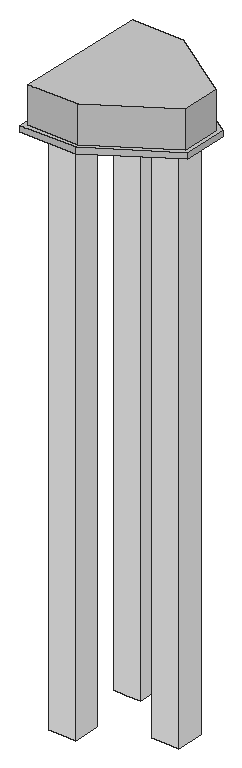
Revit family "BS_FM_Đài Móng - 3 cọc_TamGiac", category Structural Foundations, Revit 2019
Family settings
  Material for Model Behavior = Concrete
  Cap = No
  OmniClass Number = 23.25.05.11
  OmniClass Title = Foundation Piles
  Work Plane-Based = No
  Always vertical = Yes
  Cut with Voids When Loaded = No
  Shared = No
Parameters (values of type "1000 x 1000 x 900mm")
  h_BaoVe [instance] = 120 mm
  a2_BaoVe [instance] = 100 mm
  a1_BaoVe [instance] = 100 mm
  Y1 = Diameter + 250 mm  # 850 mm
  X1 = Diameter / 2 + 250 mm  # 550 mm
  X2 = (roundup(sqrt(KhoangCach2TimCoc ^ 2 - (KhoangCach2TimCoc / 2) ^ 2) / 10 mm)) * 10 mm  # 1560 mm
  Width = X2 + 2 * KhoangCachMepCoc + Diameter  # 2660 mm
  Structural Material [instance] = Concrete, Cast-in-Place gray
  Length = KhoangCach2TimCoc + 2 * KhoangCachMepCoc + Diameter  # 2900 mm
  L1 = 2 * KhoangCachMepCoc + Diameter  # 1100 mm
  KhoangCachMepCoc = 250 mm
  KhoangCach2TimCoc = HeSoCoc * Diameter  # 1800 mm
  HeSoCoc = 3
  Foundation Thickness = 800 mm
  Diameter = 600 mm
  Depth = 12000 mm
  Cut-off = 150 mm
  BS_Cọc Vuông = yes
  BS_Cọc Tròn = no
  BS_BeTongMong = @BS-BeTongCotThep
  BS_BeTongLot = @BS-BeTong
  BS_BeTongCoc = Steel, 45-345
  Assembly Code = "A1010130"
Reference planes
  plane 1 "Center (Front/Back)": y = 0
  plane 2: z = 0
  plane 3 "Center (Left/Right)": x = 0
  plane 4: x = -550
  plane 5: x = 550
  plane 6: y = 1450
  plane 7: y = -1450
  plane 8: z = -800
  plane 9: z = -650
  plane 10: z = -920
  plane 11: y = 900
  plane 12: y = -900
  plane 13 "2": y = 425
  plane 14 "3": y = -425
  plane 15: x = 2110
  plane 16: x = 1560
Forms (mm)
  Extrusion 1, solid, material "@BS-BeTongCotThep" <- "BS_BeTongMong"
    sketch origin (0, 0, 0) x (1, 0, 0) y (0, 1, 0)
      loop
        line (-550, 1450) -> (-550, -1450) -> (550, -1450) -> (2110, -425) -> (2110, 425) -> (550, 1450) -> (-550, 1450)
    from -800 to 0
  Extrusion 2, solid, material "@BS-BeTong" <- "BS_BeTongLot"
    sketch origin (0, 0, 0) x (1, 0, 0) y (0, 1, 0)
      loop
        line (-650, 1550) -> (-650, -1550) -> (579.913, -1550) -> (2210, -478.949) -> (2210, 478.949) -> (579.913, 1550) -> (-650, 1550)
    from -920 to -800
Dimensions and locks
  equal spacing: plane 4, plane 3 "Center (Left/Right)", plane 5
  "Foundation Thickness": plane 2 to plane 8
  "Cut-off": plane 9 to plane 8
  "a2_BaoVe": plane 7 to Extrusion 2 sketch curve
  "a2_BaoVe": Extrusion 2 sketch curve to plane 6
  "a1_BaoVe": Extrusion 2 sketch curve to plane 4
  "h_BaoVe": plane 10 to plane 8
  "KhoangCach2TimCoc": plane 11 to plane 12
  equal spacing: plane 11, plane 1 "Center (Front/Back)", plane 12
  equal spacing: plane 7, plane 1 "Center (Front/Back)", plane 6
  "Length": plane 6 to plane 7
  equal spacing: plane 14 "3", plane 1 "Center (Front/Back)", plane 13 "2"
  "Y1": plane 14 "3" to plane 13 "2"
  "X1": plane 16 to plane 15
  plane 5 to plane 16 = 1010 mm
  "L1": plane 4 to plane 5
  "a1_BaoVe": Extrusion 2 sketch curve to Extrusion 1  (x2)
  "a1_BaoVe": Extrusion 1 to Extrusion 2 sketch curve
  "X2": plane 3 "Center (Left/Right)" to plane 16
  plane 4 to plane 15 = 2660 mm
  aligned and locked: plane 4 to Extrusion 1 sketch curve
  aligned and locked: Extrusion 1 sketch curve to plane 6
  aligned and locked: plane 7 to Extrusion 1 sketch curve
  aligned and locked: level to Extrusion 1
  aligned and locked: Extrusion 1 to plane 8
  aligned and locked: Extrusion 2 to Extrusion 1
  aligned and locked: Extrusion 2 to plane 10
  aligned and locked: plane 15 to Extrusion 1 sketch curve  (x2)
  aligned and locked: plane 13 "2" to Extrusion 1 sketch curve
  aligned and locked: plane 14 "3" to Extrusion 1 sketch curve
  aligned and locked: plane 8 to nested 3
  aligned and locked: plane 8 to nested 2
  aligned and locked: plane 3 "Center (Left/Right)" to nested 2
  aligned and locked: plane 3 "Center (Left/Right)" to nested 1
  aligned and locked: nested 3 to plane 16
  aligned and locked: plane 1 "Center (Front/Back)" to nested 3
  aligned and locked: nested 1 to plane 11
  aligned and locked: nested 4 to plane 11
  aligned and locked: plane 1 "Center (Front/Back)" to nested 6
  aligned and locked: plane 3 "Center (Left/Right)" to nested 4
  aligned and locked: plane 3 "Center (Left/Right)" to nested 5
  aligned and locked: nested 6 to plane 16
  aligned and locked: nested 5 to plane 12
  aligned and locked: nested 2 to plane 12
  aligned and locked: nested 6 to plane 8
  aligned and locked: plane 8 to nested 4
  aligned and locked: plane 8 to nested 1
  aligned and locked: plane 8 to nested 5
Automatic sketch dimensions
  Extrusion 1 sketch curve to plane 5 = 0 mm  (x2)
Nested families
  nested 1: "BS_FM_Pile-Cọc Tròn" at (0, 900, -800), Minimum Embedment <- "Cut-off", Diameter <- "Diameter", Depth <- "Depth", visible <- "BS_Cọc Tròn", Structural Material <- "BS_BeTongCoc", type "300mm Diameter"
    with Structural Material Steel, 45-345, Radius 300 mm, Minimum Embedment 150 mm, Diameter 600 mm, Depth 12000 mm
  nested 2: "BS_FM_Pile-Cọc Tròn" at (0, -900, -800), Minimum Embedment <- "Cut-off", Diameter <- "Diameter", Depth <- "Depth", visible <- "BS_Cọc Tròn", Structural Material <- "BS_BeTongCoc", type "300mm Diameter"
    with Structural Material Steel, 45-345, Radius 300 mm, Minimum Embedment 150 mm, Diameter 600 mm, Depth 12000 mm
  nested 3: "BS_FM_Pile-Cọc Tròn" at (1560, 0, -800), Minimum Embedment <- "Cut-off", Diameter <- "Diameter", Depth <- "Depth", visible <- "BS_Cọc Tròn", Structural Material <- "BS_BeTongCoc", type "300mm Diameter"
    with Structural Material Steel, 45-345, Radius 300 mm, Minimum Embedment 150 mm, Diameter 600 mm, Depth 12000 mm
  nested 4: "BS_FM_Pile-Cọc Vuông" at (0, 900, -800), Minimum Embedment <- "Cut-off", Diameter <- "Diameter", Depth <- "Depth", visible <- "BS_Cọc Vuông", Structural Material <- "BS_BeTongCoc", type "300mm Diameter"
    with Structural Material Steel, 45-345, Radius 300 mm, Minimum Embedment 150 mm, Diameter 600 mm, Depth 12000 mm
  nested 5: "BS_FM_Pile-Cọc Vuông" at (0, -900, -800), Minimum Embedment <- "Cut-off", Diameter <- "Diameter", Depth <- "Depth", visible <- "BS_Cọc Vuông", Structural Material <- "BS_BeTongCoc", type "300mm Diameter"
    with Structural Material Steel, 45-345, Radius 300 mm, Minimum Embedment 150 mm, Diameter 600 mm, Depth 12000 mm
  nested 6: "BS_FM_Pile-Cọc Vuông" at (1560, 0, -800), Minimum Embedment <- "Cut-off", Diameter <- "Diameter", Depth <- "Depth", visible <- "BS_Cọc Vuông", Structural Material <- "BS_BeTongCoc", type "300mm Diameter"
    with Structural Material Steel, 45-345, Radius 300 mm, Minimum Embedment 150 mm, Diameter 600 mm, Depth 12000 mm
Definition of nested family "BS_FM_Pile-Cọc Tròn"
  Parameters (values of type "600mm Diameter")
    Structural Material [instance] = none
    Radius [instance] = Diameter / 2  # 300 mm
    Minimum Embedment [instance] = 152 mm
    Diameter [instance] = 600 mm
    Depth [instance] = 6000 mm
    Assembly Code = "A1020130"
  Types (4): name
    600mm Diameter
    300mm Diameter
    400mm Diameter
    500mm Diameter
  Reference planes
    plane 1 "Center (Front/Back)": y = 0
    plane 2: z = 0
    plane 3 "Center (Left/Right)": x = 0
    plane 4: z = -6000
    plane 5: z = 152
  Forms (mm)
    Extrusion 1, solid, material <- "Structural Material"
      sketch origin (0, 0, 0) x (1, 0, 0) y (0, 1, 0)
        loop
          circle (0, 0) r 300
      from -6000 to 152
  Dimensions and locks
    "Depth": plane 2 to plane 4
    "Minimum Embedment": plane 5 to plane 2
    "Radius": radius of Extrusion 1 sketch curve
    aligned and locked: Extrusion 1 to plane 4
    aligned and locked: Extrusion 1 to plane 5
    aligned and locked: plane 1 "Center (Front/Back)" to nested 1
    aligned and locked: plane 3 "Center (Left/Right)" to nested 1
  Automatic sketch dimensions
    plane 1 "Center (Front/Back)" to Extrusion 1 sketch curve = 0 mm
    Extrusion 1 sketch curve to plane 3 "Center (Left/Right)" = 0 mm
  Nested families
    nested 1: "BS_LINE_TimCoc" at (0, 0, 0), type "BS_LINE_TimCoc"
      with LINE 700 mm, DK 600 mm
  Definition of nested family "BS_LINE_TimCoc"
    Parameters (values of type "BS_LINE_TimCoc")
      LINE = DK + 100 mm  # 780 mm
      DK = 680 mm
    Reference planes
      plane 1 "Center (Front/Back)": y = 0
      plane 2: z = 0
      plane 3 "Center (Left/Right)": x = 0
    Lines and regions (mm)
      detail lines, in view "Ref. Level", not visible
        curve 1: circle (0, 0, 0) r 340 normal (0, 0, 1)
      detail lines, in view "Ref. Level"
        curve 2: line (-390, 0, 0) -> (390, 0, 0)
        curve 3: line (0, 390, 0) -> (0, -390, 0)
    Dimensions and locks
      equal spacing: curve 2, plane 3 "Center (Left/Right)", curve 2
      equal spacing: curve 3, plane 1 "Center (Front/Back)", curve 3
      "LINE": curve 3 to curve 3
      "LINE": curve 2 to curve 2
      "DK": diameter of curve 1
    Automatic sketch dimensions
      curve 3 to plane 3 "Center (Left/Right)" = 0 mm
      plane 1 "Center (Front/Back)" to curve 1 = 0 mm
      curve 1 to plane 3 "Center (Left/Right)" = 0 mm
      plane 1 "Center (Front/Back)" to curve 2 = 0 mm
Definition of nested family "BS_FM_Pile-Cọc Vuông"
  Parameters (values of type "600mm Diameter")
    Structural Material [instance] = none
    Radius [instance] = Diameter / 2  # 125 mm
    Minimum Embedment [instance] = 150 mm
    Diameter [instance] = 250 mm
    Depth [instance] = 6000 mm
    Assembly Code = "A1020130"
  Types (6, lengths in mm): name | Radius | Diameter
    600mm Diameter | 125 | 250
    200mm Diameter | 300 | 600
    250mm Diameter | 300 | 600
    300mm Diameter | 300 | 600
    400mm Diameter | 300 | 600
    500mm Diameter | 300 | 600
  Reference planes
    plane 1 "Center (Front/Back)": y = 0
    plane 2: z = 0
    plane 3 "Center (Left/Right)": x = 0
    plane 4: z = -6000
    plane 5: z = 150
  Forms (mm)
    Extrusion 1, solid, material <- "Structural Material"
      sketch origin (0, 0, 0) x (1, 0, 0) y (0, 1, 0)
        loop
          line (-125, -125) -> (125, -125) -> (125, 125) -> (-125, 125) -> (-125, -125)
      from -6000 to 150
  Dimensions and locks
    "Depth": plane 2 to plane 4
    "Minimum Embedment": plane 5 to plane 2
    equal spacing: Extrusion 1 sketch curve, plane 3 "Center (Left/Right)", Extrusion 1 sketch curve
    "Diameter": Extrusion 1 sketch curve to Extrusion 1 sketch curve  (x2)
    equal spacing: Extrusion 1 sketch curve, plane 1 "Center (Front/Back)", Extrusion 1 sketch curve
    aligned and locked: Extrusion 1 to plane 4
    aligned and locked: Extrusion 1 to plane 5
    aligned and locked: plane 3 "Center (Left/Right)" to nested 1
    aligned and locked: plane 1 "Center (Front/Back)" to nested 1  (x2)
    aligned and locked: nested 1 to plane 3 "Center (Left/Right)"
  Nested families
    nested 1: "BS_Line_TimCoc" at (0, 0, 0), type "BS_Line_TimCoc"
      with LINE 350 mm, DK 250 mm
  Definition of nested family "BS_Line_TimCoc"
    Parameters (values of type "BS_Line_TimCoc")
      LINE = DK + 100 mm  # 780 mm
      DK = 680 mm
    Reference planes
      plane 1 "Center (Front/Back)": y = 0
      plane 2: z = 0
      plane 3 "Center (Left/Right)": x = 0
    Lines and regions (mm)
      detail lines, in view "Ref. Level", not visible
        curve 1: circle (0, 0, 0) r 340 normal (0, 0, 1)
      detail lines, in view "Ref. Level"
        curve 2: line (-390, 0, 0) -> (390, 0, 0)
        curve 3: line (0, 390, 0) -> (0, -390, 0)
    Dimensions and locks
      equal spacing: curve 2, plane 3 "Center (Left/Right)", curve 2
      equal spacing: curve 3, plane 1 "Center (Front/Back)", curve 3
      "LINE": curve 3 to curve 3
      "LINE": curve 2 to curve 2
      "DK": diameter of curve 1
    Automatic sketch dimensions
      curve 3 to plane 3 "Center (Left/Right)" = 0 mm
      plane 1 "Center (Front/Back)" to curve 1 = 0 mm
      curve 1 to plane 3 "Center (Left/Right)" = 0 mm
      plane 1 "Center (Front/Back)" to curve 2 = 0 mm
